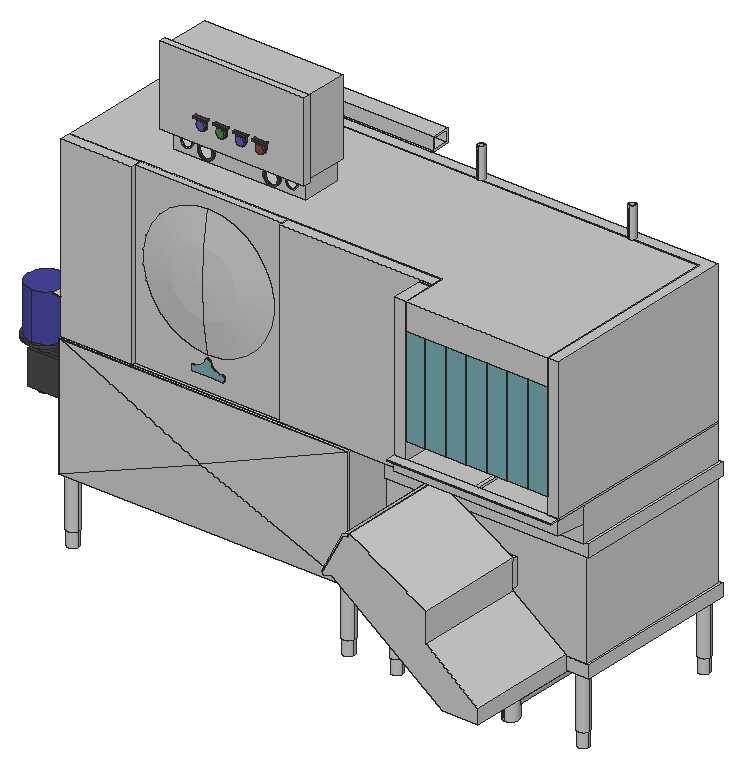
Revit family
Parameters (values of type "480/60/3")
  Width = 6' - 8"
  Weight in Pounds = 1450
  Watts = 15000 W
  Watermarked By = "http://revitwatermark.com"
  Waste Water Discharge Temperature [instance] = -459.67 °F
  Volts = 480 V
  Ventilation Remarks [instance] = ""
  URL Cutsheet = ""
  URL = "www.stero.com"
  Total Height = 5' - 10 1/2"
  Table Height = 2' - 10"
  Swing Doors [instance] = no
  Status [instance] = ""
  Standard Doors [instance] = not(Swing Doors)  # yes
  Specification by User [instance] = ""
  Specification by Manufacturer = ""
  Serial Number [instance] = ""
  Seismic Rating [instance] = ""
  SMACNA No [instance] = ""
  Right Ventilation Remarks [instance] = ""
  Right Vent [instance] = no
  Right Exhaust Volume [instance] = if(Right Vent, 200 CFM, 0 CFM)  # 0 CFM
  Right Exhaust Vent Width = 2' - 0 7/8"
  Right Exhaust Vent Text = "Vent, Load End"
  Right Exhaust Vent Depth = 0' - 3 7/8"
  Right Exhaust Static Press = 0.00 in-wg
  Right Exhaust RI Height [instance] = 0' - 0"
  Right Exhaust Item Number [instance] = "-"
  Right Drain [instance] = no
  Revision Code [instance] = ""
  Plumbing Remarks [instance] = ""
  Plumbing Connection Type [instance] = ""
  Phase = 3
  Number of Poles [instance] = 3
  No Left Vent [instance] = not(Left Vent)  # yes
  NAFEM Spec ID Number [instance] = ""
  Model = "ER-76SC"
  Masterspec = ""
  Manufacturer = "Stero"
  Machine Height = 4' - 7 1/2"
  Left Vent [instance] = no
  Left Drain [instance] = not(Right Drain)  # yes
  Item Number [instance] = "-"
  Installed By [instance] = ""
  Indirect Waste Size = 2"
  Indirect Waste Flow [instance] = 0.00 GPM
  Indirect Waste Connection Type [instance] = ""
  Indirect Waste Connection Height = 0' - 6"
  Hot Water Temperature = 180 °F
  Hot Water Size = 3/4"
  Hot Water RI Height [instance] = 0' - 0"
  Hot Water Minimum Pressure = 20.00 psi
  Hot Water Maximum Pressure = 20.00 psi
  Hot Water Flow = 1.97 GPM
  Hot Water Consumption = 1.97 GPM
  Hot Water Connection Height = 5' - 0"
  HP = "3.58"
  Furnished By [instance] = ""
  Foodservice Equipment Identifier [instance] = yes
  FL Amps = 25 A
  Exhaust Volume [instance] = if(Left Vent, 400 CFM, 0 CFM)  # 0 CFM
  Exhaust Vent Width = 0' - 3 7/8"
  Exhaust Vent Text = ""
  Exhaust Vent Depth = 2' - 0 7/8"
  Exhaust Static Press = 0.00 in-wg
  Exhaust RI Height [instance] = 0' - 0"
  Electrical Remarks [instance] = ""
  Electric Connection Type [instance] = ""
  Elec Conn RI Height [instance] = 0' - 0"
  Elec Conn Connection Height = 5' - 8 1/2"
  Double Door Opening [instance] = if(Swing Doors, 3' 0", 1' 10 1/2")  # 1' - 10 1/2"
  Description = "Rack Conveyor Series"
  Depth = 2' - 1"
  Cycle = 60 Hz
  Conn Conduit = yes
  Cold Water Temperature Recommended [instance] = -459.67 °F
  Cold Water Size = 3/4"
  Cold Water RI Height [instance] = 0' - 0"
  Cold Water Minimum Pressure [instance] = 0.00 psi
  Cold Water Maximum Pressure [instance] = 0.00 psi
  Cold Water Flow [instance] = 0.00 GPM
  Cold Water Consumption [instance] = ""
  Cold Water Connection Height = 5' - 0"
  CSI MasterFormat = "11 48 13"
  Building Plumbing Remarks [instance] = ""
  Building Hot Water Temperature = 140 °F
  Building Hot Water Size = 3/4"
  Building Hot Water RI Height [instance] = 0' - 0"
  Building Hot Water Minimum Pressure [instance] = 0.00 psi
  Building Hot Water Maximum Pressure [instance] = 0.00 psi
  Building Hot Water Flow [instance] = 0.00 GPM
  Building Hot Water Consumption [instance] = 0.00 GPM
  Building Hot Water Connection Height = 5' - 0"
  Building HW Item Number [instance] = "-"
  Assembly Code = "E1090320"
  Apparent Power = if(Phase = 3, Volts * FL Amps * 1.73, Volts * FL Amps)  # 20760 VA
Reference planes (in)
  plane 1: z = 0
  plane 2 "LEFT": x = 2.32772
  plane 3 "BACK": y = -48
  plane 4 "TOP": z = 70.5
  plane 5 "Right of 44": x = 46.32772
  plane 6 "FRONT": y = -73
  plane 7 "Left of Top": x = 2.57772
  plane 8 "Right of Top": x = 46.07772
  plane 9 "Left of Ledge": x = 1.07772
  plane 10 "Bottom of Machine": z = 10
  plane 11 "Table Height": z = 34
  plane 12 "Top of Machine": z = 55.5
  plane 13 "Panel Top": z = 28.5
  plane 14: z = 12
  plane 15: y = -73.5
  plane 16: y = -47.5
  plane 17: x = 2.07772
  plane 18: x = 46.57772
  plane 19: y = -49.625
  plane 20: y = -71.375
  plane 21 "Door Center": x = 24.32772
  plane 22: x = 13.07772
  plane 23: x = 35.57772
  plane 24 "Top of Opening": z = 51.5
  plane 25: z = 2.25
  plane 26: x = 14.32772
  plane 27: x = 34.32772
  plane 28: x = 13.32772
  plane 29: x = 35.32772
  plane 30 "Front of Lower Panel": y = -66.5
  plane 31: y = -60.5
  plane 32: y = -67
  plane 33 "Back of Panel": y = -60
  plane 34 "Front of Upper Panel": y = -68
  plane 35: x = 13.82772
  plane 36: x = 34.82772
  plane 37: y = -48.0625
  plane 38: y = -72.9375
  plane 39 "Top of Vents": z = 59.5
  plane 40: x = 9.82772
  plane 41: x = 38.82772
  plane 42: y = -45
  plane 43: z = 57.5
  plane 44: y = -43
  plane 45: z = 84.5
  plane 46 "RIGHT": x = 82.32772
  plane 47: y = -77.75
  plane 48: x = -7.67228
  plane 49: x = -0.73478
  plane 50: x = -7.54728
  plane 51: x = -4.60978
  plane 52: x = 13.32772
  plane 53: x = 35.32772
  plane 54: x = 25.76522
  plane 55: x = 24.39022
  plane 56: x = 24.26522
  plane 57: x = 22.89022
  plane 58: y = -91
Forms (in)
  Extrusion 1, solid, material "QF_Finishes_Stainless Steel"
    sketch origin (0, 0, 10) x (0, 1, 0) y (-1, 0, 0)
      loop
        line (-47.5, -2.07772) -> (-73, -2.07772) -> (-73, -46.57772) -> (-47.5, -46.57772) -> (-47.5, -2.07772)
    from 0 to 2
  Extrusion 2, solid, material "QF_Finishes_Stainless Steel"
    sketch origin (0, 0, 28.5) x (0, 1, 0) y (-1, 0, 0)
      loop
        line (-48, -2.32772) -> (-73, -2.32772) -> (-73, -46.32772) -> (-48, -46.32772) -> (-48, -2.32772)
    from 0 to -16.5
  Extrusion 3, solid, material "QF_Finishes_Stainless Steel"
    sketch origin (0, 0, 34) x (0, 1, 0) y (-1, 0, 0)
      loop
        line (-48, -2.32772) -> (-48, -1.07772) -> (-73, -1.07772) -> (-73, -2.32772) -> (-48, -2.32772)
    from 0 to -0.125
  Extrusion 4, solid, material "QF_Finishes_Stainless Steel"
    sketch origin (0, 0, 34) x (0, 1, 0) y (-1, 0, 0)
      loop
        line (-48, -2.32772) -> (-71.375, -2.32772) -> (-71.375, -58.95272) -> (-73.5, -58.95272) -> (-73.5, -82.32772) -> (-48, -82.32772) -> (-48, -2.32772)
    from -0.25 to -5.5
  Extrusion 5, solid, material "QF_Finishes_Stainless Steel"
    sketch origin (0, 0, 34) x (0, 1, 0) y (-1, 0, 0)
      loop
        line (-60.25, -2.32772) -> (-60.75, -2.32772) -> (-60.75, -66.57772)
        arc (-60.75, -66.57772) -> (-61.62868, -68.69904) -> (-63.75, -69.57772) r 3
        line (-63.75, -69.57772) -> (-78.25, -69.57772) -> (-78.25, -70.07772) -> (-63.75, -70.07772)
        arc (-63.75, -70.07772) -> (-61.27513, -69.05259) -> (-60.25, -66.57772) r 3.5
        line (-60.25, -66.57772) -> (-60.25, -2.32772)
      loop
        line (-48, -2.32772) -> (-49.625, -2.32772) -> (-49.625, -80.70272) -> (-78.25, -80.70272) -> (-78.25, -82.32772) -> (-48, -82.32772) -> (-48, -2.32772)
    from 0 to -0.25
  Extrusion 6, solid, material "QF_Finishes_Stainless Steel"
    sketch origin (0, 0, 55.5) x (0, 1, 0) y (-1, 0, 0)
      loop
        line (-49.625, -2.32772) -> (-71.375, -2.32772) -> (-71.375, -58.95272) -> (-78.25, -58.95272) -> (-78.25, -80.70272) -> (-49.625, -80.70272) -> (-49.625, -2.32772)
    from 0 to -4
  Extrusion 7, solid, material "QF_Finishes_Stainless Steel"
    sketch origin (0, 0, 55.5) x (0, 1, 0) y (-1, 0, 0)
      loop
        line (-48, -2.32772) -> (-49.625, -2.32772) -> (-49.625, -80.70272) -> (-78.25, -80.70272) -> (-78.25, -82.32772) -> (-48, -82.32772) -> (-48, -2.32772)
    from 0 to -21.5
  Extrusion 8, solid, material "QF_Finishes_Stainless Steel"
    sketch origin (0, -73, 0) x (-1, 0, 0) y (0, 0, 1)
      loop
        line (-2.32772, 55.5) -> (-13.07772, 55.5) -> (-13.07772, 28.5) -> (-2.32772, 28.5) -> (-2.32772, 55.5)
    from 0 to 1.625
  Blend 9, solid, material "QF_Finishes_Stainless Steel"
    base sketch origin (-15.01335, -74, 48) x (-1, 0, 0) y (0, 0, 1)
      loop
        line (-17.34107, -19.5) -> (-61.34107, -19.5) -> (-61.34107, -38) -> (-17.34107, -38) -> (-17.34107, -19.5)
    top sketch origin (-15.01335, -74, 48) x (-1, 0, 0) y (0, 0, 1)
      loop
        line (-39.37232, -28.71875) -> (-39.37232, -28.78125) -> (-39.30982, -28.78125) -> (-39.30982, -28.71875) -> (-39.37232, -28.71875)
    from 0.5 to 0
  Extrusion 10, solid, material "QF_Finishes_Stainless Steel"
    sketch origin (0, 0, 10) x (0, 1, 0) y (-1, 0, 0)
      loop
        line (-73, -2.32772) -> (-73.5, -2.32772) -> (-73.5, -46.32772) -> (-73, -46.32772) -> (-73, -2.32772)
    from 0 to 18.5
  Extrusion 11, solid, material "QF_Finishes_Stainless Steel"
    sketch origin (0, -73, 0) x (-1, 0, 0) y (0, 0, 1)
      loop
        line (-35.57772, 55.5) -> (-58.95272, 55.5) -> (-58.95272, 28.5) -> (-35.57772, 28.5) -> (-35.57772, 55.5)
    from 0 to 1.625
  Extrusion 12, solid, material "QF_Finishes_Stainless Steel", visible <- "Standard Doors"
    sketch origin (0, 0, 55.5) x (0, 1, 0) y (-1, 0, 0)
      loop
        line (-71.375, -13.07772) -> (-72.5, -13.07772) -> (-72.5, -35.57772) -> (-71.375, -35.57772) -> (-71.375, -13.07772)
    from 0 to -27
  Revolve 13, solid, material "QF_Finishes_Stainless Steel", visible <- "Standard Doors"
    sketch origin (24.32772, 0, 0) x (0, 1, 0) y (0, 0, 1)
      loop
        line (-72.5, 43.5) -> (-72.5, 53.5)
        arc (-72.5, 53.5) -> (-73.26244, 48.52624) -> (-73.5, 43.5) r 48
        line (-73.5, 43.5) -> (-72.5, 43.5)
      axis (-72.5, 43.5) -> (-73.5, 43.5)
    angle from 0 to 360
  Extrusion 14, solid, material "QF_Finishes_Stainless Steel"
    sketch origin (0, 0, 0) x (1, 0, 0) y (0, 1, 0)
      loop
        circle (3.32772, -49) r 0.8125
    from 0 to 2.25
  Extrusion 15, solid, material "QF_Finishes_Stainless Steel"
    sketch origin (0, 0, 0) x (1, 0, 0) y (0, 1, 0)
      loop
        circle (3.32772, -49) r 0.9375
    from 2.25 to 10
  Extrusion 16, solid, material "QF_Finishes_Stainless Steel"
    sketch origin (48.65544, 0, 0) x (-1, 0, 0) y (0, -1, 0)
      loop
        circle (3.32772, 49) r 0.8125
    from 0 to 2.25
  Extrusion 17, solid, material "QF_Finishes_Stainless Steel"
    sketch origin (48.65544, 0, 0) x (-1, 0, 0) y (0, -1, 0)
      loop
        circle (3.32772, 49) r 0.9375
    from 2.25 to 10
  Extrusion 18, solid, material "QF_Finishes_Stainless Steel"
    sketch origin (0, -121, 0) x (1, 0, 0) y (0, 1, 0)
      loop
        circle (3.32772, 49) r 0.8125
    from 0 to 2.25
  Extrusion 19, solid, material "QF_Finishes_Stainless Steel"
    sketch origin (0, -121, 0) x (1, 0, 0) y (0, 1, 0)
      loop
        circle (3.32772, 49) r 0.9375
    from 2.25 to 10
  Extrusion 20, solid, material "QF_Finishes_Stainless Steel"
    sketch origin (48.65544, -121, 0) x (-1, 0, 0) y (0, -1, 0)
      loop
        circle (3.32772, -49) r 0.8125
    from 0 to 2.25
  Extrusion 21, solid, material "QF_Finishes_Stainless Steel"
    sketch origin (48.65544, -121, 0) x (-1, 0, 0) y (0, -1, 0)
      loop
        circle (3.32772, -49) r 0.9375
    from 2.25 to 10
  Extrusion 22, solid, material "QF_Finishes_Light Blue"
    sketch origin (48.65544, 0, 51.5) x (0, 1, 0) y (-1, 0, 0)
      loop
        line (-49.625, 46.32772) -> (-52.625, 46.32772) -> (-52.625, 46.20272) -> (-49.625, 46.20272) -> (-49.625, 46.32772)
      loop
        line (-52.75, 46.32772) -> (-55.75, 46.32772) -> (-55.75, 46.20272) -> (-52.75, 46.20272) -> (-52.75, 46.32772)
      loop
        line (-55.875, 46.32772) -> (-58.875, 46.32772) -> (-58.875, 46.20272) -> (-55.875, 46.20272) -> (-55.875, 46.32772)
      loop
        line (-59, 46.32772) -> (-62, 46.32772) -> (-62, 46.20272) -> (-59, 46.20272) -> (-59, 46.32772)
      loop
        line (-62.125, 46.32772) -> (-65.125, 46.32772) -> (-65.125, 46.20272) -> (-62.125, 46.20272) -> (-62.125, 46.32772)
      loop
        line (-65.25, 46.32772) -> (-68.25, 46.32772) -> (-68.25, 46.20272) -> (-65.25, 46.20272) -> (-65.25, 46.32772)
      loop
        line (-68.375, 46.32772) -> (-71.375, 46.32772) -> (-71.375, 46.20272) -> (-68.375, 46.20272) -> (-68.375, 46.32772)
    from 0 to -15
  Extrusion 23, solid, material "QF_Finishes_Stainless Steel"
    sketch origin (0, 0, 55.5) x (0, 1, 0) y (-1, 0, 0)
      loop
        line (-60.5, -14.32772) -> (-66.5, -14.32772) -> (-66.5, -34.32772) -> (-60.5, -34.32772) -> (-60.5, -14.32772)
    from 0 to 3.5
  Extrusion 24, solid, material "QF_Finishes_Stainless Steel"
    sketch origin (0, 0, 55.5) x (0, 1, 0) y (-1, 0, 0)
      loop
        line (-60, -13.82772) -> (-67, -13.82772) -> (-67, -34.82772) -> (-60, -34.82772) -> (-60, -13.82772)
    from 3 to 14.5
  Extrusion 25, solid, material "QF_Finishes_Stainless Steel"
    sketch origin (0, 0, 55.5) x (0, 1, 0) y (-1, 0, 0)
      loop
        line (-67, -13.32772) -> (-68, -13.32772) -> (-68, -35.32772) -> (-67, -35.32772) -> (-67, -13.32772)
    from 3 to 15
  Extrusion 26, solid, material "QF_Finishes_Black"
    sketch origin (0, -66.5, 0) x (-1, 0, 0) y (0, 0, 1)
      loop
        circle (-19.32772, 57) r 1.25
      loop
        circle (-19.32772, 57) r 1
    from 0 to -0.25
  Extrusion 27, solid, material "QF_Finishes_Stainless Steel"
    sketch origin (0, -66.5, 0) x (-1, 0, 0) y (0, 0, 1)
      loop
        circle (-16.32772, 57.25) r 0.75
      loop
        circle (-16.32772, 57.25) r 0.875
    from 0 to -0.125
  Extrusion 28, solid, material "QF_Finishes_White"
    sketch origin (0, -66.5, 0) x (-1, 0, 0) y (0, 0, 1)
      loop
        circle (-16.32772, 57.25) r 0.75
    from 0 to -0.0625
  Extrusion 29, solid, material "QF_Finishes_White"
    sketch origin (0, -66.5, 0) x (-1, 0, 0) y (0, 0, 1)
      loop
        circle (-19.32772, 57) r 1
    from 0 to -0.0625
  Extrusion 30, solid, material "QF_Finishes_Black"
    sketch origin (48.65544, -66.5, 0) x (1, 0, 0) y (0, 0, -1)
      loop
        circle (-19.32772, -57) r 1.25
      loop
        circle (-19.32772, -57) r 1
    from 0 to -0.25
  Extrusion 31, solid, material "QF_Finishes_Stainless Steel"
    sketch origin (48.65544, -66.5, 0) x (1, 0, 0) y (0, 0, -1)
      loop
        circle (-16.32772, -57.25) r 0.75
      loop
        circle (-16.32772, -57.25) r 0.875
    from 0 to -0.125
  Extrusion 32, solid, material "QF_Finishes_White"
    sketch origin (48.65544, -66.5, 0) x (1, 0, 0) y (0, 0, -1)
      loop
        circle (-16.32772, -57.25) r 0.75
    from 0 to -0.0625
  Extrusion 33, solid, material "QF_Finishes_White"
    sketch origin (48.65544, -66.5, 0) x (1, 0, 0) y (0, 0, -1)
      loop
        circle (-19.32772, -57) r 1
    from 0 to -0.0625
  Extrusion 34, solid, material "QF_Finishes_Black"
    sketch origin (0, -68, 0) x (-1, 0, 0) y (0, 0, 1)
      loop
        line (-23.82772, 62.5) -> (-23.82772, 62.25) -> (-21.82772, 62.25) -> (-21.82772, 62.5) -> (-23.82772, 62.5)
      loop
        line (-20.82772, 62.5) -> (-20.82772, 62.25) -> (-18.82772, 62.25) -> (-18.82772, 62.5) -> (-20.82772, 62.5)
      loop
        line (-24.82772, 62.5) -> (-26.82772, 62.5) -> (-26.82772, 62.25) -> (-24.82772, 62.25) -> (-24.82772, 62.5)
      loop
        line (-27.82772, 62.5) -> (-29.82772, 62.5) -> (-29.82772, 62.25) -> (-27.82772, 62.25) -> (-27.82772, 62.5)
    from 0 to -0.5
  Extrusion 35, solid, material "QF_Finishes_Navy Blue"
    sketch origin (0, -68, 0) x (-1, 0, 0) y (0, 0, 1)
      loop
        circle (-19.82772, 61.375) r 0.625
    from -0.125 to -0.375
  Extrusion 36, solid, material "QF_Finishes_LED Green"
    sketch origin (3, -68, 0) x (-1, 0, 0) y (0, 0, 1)
      loop
        circle (-19.82772, 61.375) r 0.625
    from -0.125 to -0.375
  Extrusion 37, solid, material "QF_Finishes_Navy Blue"
    sketch origin (6, -68, 0) x (-1, 0, 0) y (0, 0, 1)
      loop
        circle (-19.82772, 61.375) r 0.625
    from -0.125 to -0.375
  Extrusion 38, solid, material "QF_Finishes_LED Red"
    sketch origin (9, -68, 0) x (-1, 0, 0) y (0, 0, 1)
      loop
        circle (-19.82772, 61.375) r 0.625
    from -0.125 to -0.375
  Extrusion 39, solid, material "QF_Finishes_Black"
    sketch origin (0, -68, 0) x (-1, 0, 0) y (0, 0, 1)
      loop
        arc (-20.57772, 61.375) -> (-19.82772, 60.625) -> (-19.07772, 61.375) r 0.75
        line (-19.07772, 61.375) -> (-19.07772, 62.25) -> (-20.57772, 62.25) -> (-20.57772, 61.375)
      loop
        arc (-23.57772, 61.375) -> (-22.82772, 60.625) -> (-22.07772, 61.375) r 0.75
        line (-22.07772, 61.375) -> (-22.07772, 62.25) -> (-23.57772, 62.25) -> (-23.57772, 61.375)
      loop
        arc (-26.57772, 61.375) -> (-25.82772, 60.625) -> (-25.07772, 61.375) r 0.75
        line (-25.07772, 61.375) -> (-25.07772, 62.25) -> (-26.57772, 62.25) -> (-26.57772, 61.375)
      loop
        arc (-29.57772, 61.375) -> (-28.82772, 60.625) -> (-28.07772, 61.375) r 0.75
        line (-28.07772, 61.375) -> (-28.07772, 62.25) -> (-29.57772, 62.25) -> (-29.57772, 61.375)
    from 0 to -0.125
  Extrusion 40, solid, material "QF_Finishes_Light Blue", visible <- "Standard Doors"
    sketch origin (0, -73, 0) x (-1, 0, 0) y (0, 0, 1)
      loop
        line (-23.71645, 30.65632) -> (-22.08461, 30.57309)
        arc (-22.08461, 30.57309) -> (-21.90443, 30.64773) -> (-21.82979, 30.82792) r 0.25483
        line (-21.82979, 30.82792) -> (-21.82979, 31.31285)
        arc (-21.82979, 31.31285) -> (-21.90343, 31.49062) -> (-22.08121, 31.56426) r 0.25142
        arc (-22.08121, 31.56426) -> (-23.22593, 31.7803) -> (-23.90311, 32.72819) r 1.56264
        arc (-23.90311, 32.72819) -> (-24.31726, 33.06213) -> (-24.74741, 32.74907) r 0.43733
        arc (-24.74741, 32.74907) -> (-25.42049, 31.78611) -> (-26.57423, 31.56426) r 1.56264
        arc (-26.57423, 31.56426) -> (-26.75201, 31.49062) -> (-26.82565, 31.31285) r 0.25142
        line (-26.82565, 31.31285) -> (-26.82565, 30.82792)
        arc (-26.82565, 30.82792) -> (-26.75101, 30.64773) -> (-26.57082, 30.57309) r 0.25483
        line (-26.57082, 30.57309) -> (-24.93898, 30.65632)
        arc (-24.93898, 30.65632) -> (-24.32772, 30.6719) -> (-23.71645, 30.65632) r 12
    from 0.5 to 0.4375
  Extrusion 41, solid, material "QF_Finishes_Stainless Steel"
    sketch origin (0, 0, 55.5) x (0, 1, 0) y (-1, 0, 0)
      loop
        circle (-48.75, -19.32772) r 0.375
      loop
        circle (-48.75, -19.32772) r 0.5
    from 0 to 4.5
  Extrusion 42, solid, material "QF_Finishes_Stainless Steel"
    sketch origin (2.32772, 0, 0) x (0, 1, 0) y (0, 0, 1)
      loop
        line (-45, 57.5) -> (-47.75, 57.5) -> (-47.75, 55.5) -> (-45, 55.5) -> (-45, 57.5)
      loop
        line (-45.125, 57.375) -> (-47.625, 57.375) -> (-47.625, 55.625) -> (-45.125, 55.625) -> (-45.125, 57.375)
    from 7.5 to 36.5
  Extrusion 43, solid, material "QF_Finishes_Stainless Steel"
    sketch origin (2.32772, 0, 0) x (0, 1, 0) y (0, 0, 1)
      loop
        line (-47.75, 55.5) -> (-47.75, 55.625) -> (-48, 55.625) -> (-48, 55.5) -> (-47.75, 55.5)
    from 7.5 to 36.5
  Extrusion 44, solid, material "QF_Finishes_Stainless Steel"
    sketch origin (0, -60, 0) x (-1, 0, 0) y (0, 0, 1)
      loop
        circle (-34.32772, 68.5) r 0.25
    from 0 to 0.0625
  Extrusion 45, solid, material "QF_Finishes_Stainless Steel"
    sketch origin (0, 0, 10) x (0, 1, 0) y (-1, 0, 0)
      loop
        circle (-51.5, -30.32772) r 1
      loop
        circle (-51.5, -30.32772) r 1.125
    from 0 to -4
  Extrusion 46, solid, material "QF_Finishes_Clearance", detail levels coarse
    sketch origin (0, 0, 0) x (1, 0, 0) y (0, 1, 0)
      loop
        line (1.07772, -47.5) -> (9.82772, -47.5) -> (9.82772, -45) -> (38.82772, -45) -> (38.82772, -47.5) -> (82.95272, -47.5) -> (82.95272, -43) -> (1.07772, -43) -> (1.07772, -47.5)
    from 0 to 70.5
  Extrusion 47, solid, material "QF_Finishes_Clearance", visible <- "Standard Doors", detail levels coarse
    sketch origin (0, -73, 0) x (-1, 0, 0) y (0, 0, 1)
      loop
        line (-13.07772, 84.5) -> (-35.57772, 84.5) -> (-35.57772, 55.5) -> (-13.07772, 55.5) -> (-13.07772, 84.5)
    from 0 to 1.625
  Extrusion 48, solid, material "QF_Finishes_Black"
    sketch origin (48.65544, -73, 0) x (1, 0, 0) y (0, 0, -1)
      loop
        line (-46.57772, -12) -> (-46.57772, -10.9375) -> (-47.70272, -10.9375) -> (-47.70272, -23.9375) -> (-46.32772, -23.9375) -> (-46.32772, -12) -> (-46.57772, -12)
    from 1.8125 to 7.8125
  Extrusion 49, solid, material "QF_Finishes_Black"
    sketch origin (48.65544, 0, 10) x (0, 1, 0) y (-1, 0, 0)
      loop
        arc (-66.875, 52.32772) -> (-68.1875, 51.01522) -> (-69.5, 52.32772) r 1.3125
        line (-69.5, 52.32772) -> (-69.5, 47.95272) -> (-66.875, 47.95272) -> (-66.875, 52.32772)
      loop
        line (-69.75, 53.95272) -> (-69.75, 47.70272) -> (-66.625, 47.70272) -> (-66.625, 53.95272) -> (-69.75, 53.95272)
    from 7.6875 to 12.9375
  Extrusion 50, solid, material "QF_Finishes_Black"
    sketch origin (48.65544, 0, 10) x (0, 1, 0) y (-1, 0, 0)
      loop
        circle (-68.1875, 52.32772) r 1.0625
    from 7.1875 to 7.6875
  Extrusion 51, solid, material "QF_Finishes_Black"
    sketch origin (48.65544, 0, 10) x (0, 1, 0) y (-1, 0, 0)
      loop
        circle (-68.1875, 52.32772) r 1.3125
    from 12.9375 to 13.4375
  Blend 52, solid, material "QF_Finishes_Black"
    base sketch origin (48.65544, 0, 10) x (0, 1, 0) y (-1, 0, 0)
      loop
        circle (-68.1875, 52.32772) r 1.3125
    top sketch origin (48.65544, 0, 10) x (0, 1, 0) y (-1, 0, 0)
      loop
        circle (-68.1875, 52.32772) r 2.0625
    from 13.4375 to 14.4375
  Extrusion 53, solid, material "QF_Finishes_Black"
    sketch origin (48.65544, 0, 10) x (0, 1, 0) y (-1, 0, 0)
      loop
        circle (-68.1875, 52.32772) r 3.25
    from 14.4375 to 14.8125
  Extrusion 54, solid, material "QF_Finishes_Blue"
    sketch origin (48.65544, 0, 10) x (0, 1, 0) y (-1, 0, 0)
      loop
        circle (-68.1875, 52.32772) r 2.875
    from 14.8125 to 21.9375
  Extrusion 55, solid, material "QF_Finishes_Black"
    sketch origin (48.65544, -73, 0) x (1, 0, 0) y (0, 0, -1)
      loop
        line (-46.32772, -33.1875) -> (-46.32772, -31.6875) -> (-51.57772, -31.6875) -> (-51.57772, -33.1875) -> (-46.32772, -33.1875)
      loop
        circle (-50.32772, -32.4375) r 0.375
    from 12.3125 to 12.6875
  Extrusion 56, solid, material "QF_Finishes_Black"
    sketch origin (48.65544, -73, 0) x (1, 0, 0) y (0, 0, -1)
      loop
        line (-46.32772, -12) -> (-46.57772, -12) -> (-46.57772, -8.4375) -> (-48.82772, -8.4375) -> (-48.82772, -12.4375) -> (-46.32772, -12.4375) -> (-46.32772, -12)
    from 7 to 18
  Extrusion 57, solid, material "QF_Finishes_Dark Grey"
    sketch origin (48.65544, -73, 0) x (1, 0, 0) y (0, 0, -1)
      loop
        line (-48.82772, -12.125) -> (-48.82772, -8.75) -> (-49.07772, -8.75)
        arc (-49.07772, -8.75) -> (-49.2545, -8.82322) -> (-49.32772, -9) r 0.25
        line (-49.32772, -9) -> (-49.32772, -9.3125)
        arc (-49.32772, -9.3125) -> (-49.43755, -9.57767) -> (-49.70272, -9.6875) r 0.375
        line (-49.70272, -9.6875) -> (-50.32772, -9.6875)
        arc (-50.32772, -9.6875) -> (-51.07772, -10.4375) -> (-50.32772, -11.1875) r 0.75
        line (-50.32772, -11.1875) -> (-49.70272, -11.1875)
        arc (-49.70272, -11.1875) -> (-49.43755, -11.29733) -> (-49.32772, -11.5625) r 0.375
        line (-49.32772, -11.5625) -> (-49.32772, -11.875)
        arc (-49.32772, -11.875) -> (-49.2545, -12.05178) -> (-49.07772, -12.125) r 0.25
        line (-49.07772, -12.125) -> (-48.82772, -12.125)
      loop
        circle (-50.32772, -10.4375) r 0.5
    from 9.375 to 9.5
  Extrusion 58, solid, material "QF_Finishes_Dark Grey"
    sketch origin (48.65544, -66.875, 0) x (1, 0, 0) y (0, 0, -1)
      loop
        line (-48.82772, -12.125) -> (-48.82772, -8.75) -> (-49.07772, -8.75)
        arc (-49.07772, -8.75) -> (-49.2545, -8.82322) -> (-49.32772, -9) r 0.25
        line (-49.32772, -9) -> (-49.32772, -9.3125)
        arc (-49.32772, -9.3125) -> (-49.43755, -9.57767) -> (-49.70272, -9.6875) r 0.375
        line (-49.70272, -9.6875) -> (-50.32772, -9.6875)
        arc (-50.32772, -9.6875) -> (-51.07772, -10.4375) -> (-50.32772, -11.1875) r 0.75
        line (-50.32772, -11.1875) -> (-49.70272, -11.1875)
        arc (-49.70272, -11.1875) -> (-49.43755, -11.29733) -> (-49.32772, -11.5625) r 0.375
        line (-49.32772, -11.5625) -> (-49.32772, -11.875)
        arc (-49.32772, -11.875) -> (-49.2545, -12.05178) -> (-49.07772, -12.125) r 0.25
        line (-49.07772, -12.125) -> (-48.82772, -12.125)
      loop
        circle (-50.32772, -10.4375) r 0.5
    from 9.375 to 9.5
  Extrusion 59, solid, material "QF_Finishes_Stainless Steel"
    sketch origin (48.65544, -73, 0) x (1, 0, 0) y (0, 0, -1)
      loop
        circle (-50.32772, -32.4375) r 0.375
      loop
        arc (-51.06584, -32.57045) -> (-50.32772, -33.1875) -> (-49.5896, -32.57045) r 0.75
        line (-49.5896, -32.57045) -> (-48.89022, -28.6875) -> (-51.76522, -28.6875) -> (-51.06584, -32.57045)
    from 11.25 to 11.375
  Extrusion 60, solid, material "QF_Finishes_Stainless Steel"
    sketch origin (48.65544, -48, 0) x (1, 0, 0) y (0, 0, 1)
      loop
        circle (-50.32772, 32.4375) r 0.375
      loop
        line (-51.06584, 32.57045) -> (-51.76522, 28.6875) -> (-48.89022, 28.6875) -> (-49.5896, 32.57045)
        arc (-49.5896, 32.57045) -> (-50.32772, 33.1875) -> (-51.06584, 32.57045) r 0.75
    from 11.25 to 11.375
  Extrusion 61, solid, material "QF_Finishes_Stainless Steel"
    sketch origin (48.65544, -73, 0) x (1, 0, 0) y (0, 0, -1)
      loop
        circle (-50.32772, -32.4375) r 0.375
    from 10.75 to 14.25
  Blend 62, solid, material "QF_Finishes_Stainless Steel"
    base sketch origin (48.65544, 0, 34) x (0, 1, 0) y (-1, 0, 0)
      loop
        line (-58.25, 47.89022) -> (-58.25, 52.76522) -> (-62.75, 52.76522) -> (-62.75, 47.89022) -> (-58.25, 47.89022)
    top sketch origin (48.65544, 0, 34) x (0, 1, 0) y (-1, 0, 0)
      loop
        line (-59.25, 48.89022) -> (-59.25, 51.76522) -> (-61.75, 51.76522) -> (-61.75, 48.89022) -> (-59.25, 48.89022)
    from -14.0625 to -5.3125
  Blend 63, solid, material "QF_Finishes_Stainless Steel"
    base sketch origin (48.65544, 0, 25.25) x (0, 1, 0) y (-1, 0, 0)
      loop
        line (-57.5, 47.14022) -> (-57.5, 53.51522) -> (-63.5, 53.51522) -> (-63.5, 47.14022) -> (-57.5, 47.14022)
    top sketch origin (48.65544, 0, 25.25) x (0, 1, 0) y (-1, 0, 0)
      loop
        line (-58.5, 48.14022) -> (-58.5, 52.51522) -> (-62.5, 52.51522) -> (-62.5, 48.14022) -> (-58.5, 48.14022)
    from -15.5625 to -5.3125
  Extrusion 64, solid, material "QF_Finishes_Stainless Steel"
    sketch origin (48.65544, -73, -22) x (1, 0, 0) y (0, 0, -1)
      loop
        circle (-50.32772, -32.4375) r 0.5
    from 9 to 16
  Extrusion 65, solid, material "QF_Finishes_Stainless Steel"
    sketch origin (130.32772, -80.82772, 34) x (1, 0, 0) y (0, 1, 0)
      loop
        line (-48, 2.57772) -> (-73, 2.57772) -> (-73, 1.07772) -> (-48, 1.07772) -> (-48, 2.57772)
    from 0 to -0.125
  Extrusion 66, solid, material "QF_Finishes_Stainless Steel", visible <- "Right Vent"
    sketch origin (130.32772, -78.25, 0) x (1, 0, 0) y (0, 0, -1)
      loop
        line (-73, -55.5) -> (-48, -55.5) -> (-48, -50.5625) -> (-49.625, -48.9375) -> (-49.625, -49.11428) -> (-48.125, -50.61428) -> (-48.125, -55.375) -> (-72.875, -55.375) -> (-72.875, -39.17678) -> (-71.375, -37.67678) -> (-71.375, -37.5) -> (-73, -39.125) -> (-73, -55.5)
    from 0 to -9.875
  Extrusion 67, solid, material "QF_Finishes_Stainless Steel", visible <- "Right Vent"
    sketch origin (130.32772, -88.25, 0) x (1, 0, 0) y (0, 0, -1)
      loop
        line (-71.375, -37.5) -> (-73, -39.125) -> (-73, -55.5) -> (-48, -55.5) -> (-48, -50.5625) -> (-49.625, -48.9375) -> (-49.625, -51.5) -> (-71.375, -51.5) -> (-71.375, -37.5)
    from 0 to 0.125
  Extrusion 68, solid, material "QF_Finishes_Stainless Steel", visible <- "Right Vent"
    sketch origin (130.32772, -80.82772, 55.5) x (1, 0, 0) y (0, 1, 0)
      loop
        line (-48.0625, -4.35978) -> (-48.0625, -0.48478) -> (-72.9375, -0.48478) -> (-72.9375, -4.35978) -> (-48.0625, -4.35978)
      loop
        line (-48.1875, -4.23478) -> (-48.1875, -0.60978) -> (-72.8125, -0.60978) -> (-72.8125, -4.23478) -> (-48.1875, -4.23478)
    from 0 to 4
  Extrusion 69, solid, material "QF_Finishes_Light Blue"
    sketch origin (130.32772, -31.92228, 51.5) x (1, 0, 0) y (0, 1, 0)
      loop
        line (-49.625, -46.32772) -> (-49.625, -46.20272) -> (-52.625, -46.20272) -> (-52.625, -46.32772) -> (-49.625, -46.32772)
      loop
        line (-52.75, -46.32772) -> (-52.75, -46.20272) -> (-55.75, -46.20272) -> (-55.75, -46.32772) -> (-52.75, -46.32772)
      loop
        line (-55.875, -46.32772) -> (-55.875, -46.20272) -> (-58.875, -46.20272) -> (-58.875, -46.32772) -> (-55.875, -46.32772)
      loop
        line (-59, -46.32772) -> (-59, -46.20272) -> (-62, -46.20272) -> (-62, -46.32772) -> (-59, -46.32772)
      loop
        line (-62.125, -46.32772) -> (-62.125, -46.20272) -> (-65.125, -46.20272) -> (-65.125, -46.32772) -> (-62.125, -46.32772)
      loop
        line (-65.25, -46.32772) -> (-65.25, -46.20272) -> (-68.25, -46.20272) -> (-68.25, -46.32772) -> (-65.25, -46.32772)
      loop
        line (-68.375, -46.32772) -> (-68.375, -46.20272) -> (-71.375, -46.20272) -> (-71.375, -46.32772) -> (-68.375, -46.32772)
    from 0 to -15
  Extrusion 70, solid, material "QF_Finishes_Stainless Steel"
    sketch origin (82.32772, -0.5, 0) x (0, 1, 0) y (0, 0, -1)
      loop
        line (-73, -33.75) -> (-73, -31.25) -> (-77.9375, -31.875) -> (-77.9375, -33.75) -> (-73, -33.75)
    from 0 to 25
  Extrusion 71, solid, material "QF_Finishes_Stainless Steel"
    sketch origin (48.65544, -0.5, 55.5) x (0, 1, 0) y (-1, 0, 0)
      loop
        line (-73, -10.29728) -> (-73, -8.67228) -> (-77.75, -8.67228) -> (-77.75, -10.29728) -> (-73, -10.29728)
    from 0 to -21.75
  Extrusion 72, solid, material "QF_Finishes_Stainless Steel"
    sketch origin (48.65544, -73.5, 0) x (1, 0, 0) y (0, 0, -1)
      loop
        line (23.54728, -23.25) -> (23.54728, -19.25) -> (19.54728, -19.25) -> (19.54728, -23.25) -> (23.54728, -23.25)
    from 0 to -0.8125
  Extrusion 73, solid, material "QF_Finishes_Stainless Steel"
    sketch origin (48.65544, -73.5, 0) x (1, 0, 0) y (0, 0, -1)
      loop
        line (31.54728, -10.75) -> (26.13886, -10.75) -> (9.46207, -23.25759)
        arc (9.46207, -23.25759) -> (9.36377, -23.30219) -> (9.25583, -23.30118) r 0.25
        line (9.25583, -23.30118) -> (8.19845, -23.05707)
        arc (8.19845, -23.05707) -> (7.94388, -23.14847) -> (7.92148, -23.41803) r 0.25
        line (7.92148, -23.41803) -> (10.97958, -29.16948) -> (11.80181, -29.46875) -> (11.80181, -29.83149)
        arc (11.80181, -29.83149) -> (11.89556, -29.99387) -> (12.08306, -29.99387) r 0.1875
        line (12.08306, -29.99387) -> (23.54728, -23.375) -> (23.54728, -19) -> (31.54728, -13) -> (31.54728, -10.75)
    from -0.8125 to -17.5
  Extrusion 74, solid, material "QF_Finishes_Stainless Steel"
    sketch origin (48.65544, -73.5, 0) x (1, 0, 0) y (0, 0, -1)
      loop
        line (16.33886, -16.77187) -> (16.33886, -18.1) -> (26.13886, -10.75) -> (24.36802, -10.75) -> (16.33886, -16.77187)
    from -2.3125 to -16.3125
  Extrusion 75, solid, material "QF_Finishes_Stainless Steel"
    sketch origin (48.65544, -73.5, 0) x (1, 0, 0) y (0, 0, -1)
      loop
        arc (11.89556, -29.99387) -> (11.82693, -29.92524) -> (11.80181, -29.83149) r 0.1875
        line (11.80181, -29.83149) -> (11.73931, -29.51251) -> (10.93566, -29.22001) -> (7.86629, -23.44737)
        arc (7.86629, -23.44737) -> (7.78177, -23.42153) -> (7.75593, -23.50605) r 0.0625
        line (7.75593, -23.50605) -> (11.00619, -29.61891)
        arc (11.00619, -29.61891) -> (11.04873, -29.6724) -> (11.10762, -29.70708) r 0.1875
        line (11.10762, -29.70708) -> (11.89556, -29.99387)
    from -0.8125 to -17.5
  Extrusion 76, solid, material "QF_Finishes_Light Blue"
    sketch origin (42.65753, -106.10897, -1.29612) x (0, -1, 0) y (-0.469472, 0, -0.882948)
      loop
        arc (-22.69566, -30.65632) -> (-23.30693, -30.6719) -> (-23.91819, -30.65632) r 12
        line (-23.91819, -30.65632) -> (-25.55003, -30.57309)
        arc (-25.55003, -30.57309) -> (-25.73022, -30.64773) -> (-25.80486, -30.82792) r 0.25483
        line (-25.80486, -30.82792) -> (-25.80486, -31.31285)
        arc (-25.80486, -31.31285) -> (-25.73122, -31.49062) -> (-25.55344, -31.56426) r 0.25142
        arc (-25.55344, -31.56426) -> (-24.3997, -31.78611) -> (-23.72662, -32.74907) r 1.56264
        arc (-23.72662, -32.74907) -> (-23.29647, -33.06213) -> (-22.88232, -32.72819) r 0.43733
        arc (-22.88232, -32.72819) -> (-22.20514, -31.7803) -> (-21.06041, -31.56426) r 1.56264
        arc (-21.06041, -31.56426) -> (-20.88264, -31.49062) -> (-20.809, -31.31285) r 0.25142
        line (-20.809, -31.31285) -> (-20.809, -30.82792)
        arc (-20.809, -30.82792) -> (-20.88363, -30.64773) -> (-21.06382, -30.57309) r 0.25483
        line (-21.06382, -30.57309) -> (-22.69566, -30.65632)
    from 0.5 to 0.4375
  Extrusion 77, solid, material "QF_Finishes_Stainless Steel"
    sketch origin (95.15544, -30.5, 10) x (0, 1, 0) y (-1, 0, 0)
      loop
        circle (-50, 18.32772) r 1
      loop
        circle (-50, 18.32772) r 1.125
    from 0 to -4
  Extrusion 78, solid, material "QF_Finishes_Stainless Steel", visible <- "Right Drain"
    sketch origin (95.15544, -29.5, 0) x (-1, 0, 0) y (0, -1, 0)
      loop
        circle (18.32772, 51) r 1
    from 6 to 6.25
  Extrusion 79, solid, material "QF_Finishes_Clearance", visible <- "Right Vent", detail levels coarse
    sketch origin (48.28044, -10.5, 0) x (-1, 0, 0) y (0, -1, 0)
      loop
        line (-34.67228, 67.75) -> (-34.04728, 67.75) -> (-34.04728, 77.75) -> (-34.67228, 77.75) -> (-34.67228, 67.75)
    from 0 to 70.5
  Extrusion 80, void
    sketch origin (48.28044, -0.5, 55.5) x (0, 1, 0) y (-1, 0, 0)
      loop
        line (-80.9375, -33.48478) -> (-80.9375, -8.85978) -> (-84.5625, -8.85978) -> (-84.5625, -33.48478) -> (-80.9375, -33.48478)
    from 0 to -0.125
  Extrusion 81, solid, material "QF_Finishes_Clearance", detail levels coarse
    sketch origin (48.28044, -0.5, 0) x (-1, 0, 0) y (0, -1, 0)
      loop
        line (-34.67228, 47.5) -> (-34.04728, 47.5) -> (-34.04728, 77.75) -> (-34.67228, 77.75) -> (-34.67228, 47.5)
    from 0 to 70.5
  Extrusion 82, solid, material "QF_Finishes_Stainless Steel"
    sketch origin (98.15544, 0, 10) x (0, 1, 0) y (-1, 0, 0)
      loop
        line (-47.5, 15.45272) -> (-47.5, 46.57772) -> (-73, 46.57772) -> (-73, 15.45272) -> (-47.5, 15.45272)
    from 0 to 2
  Extrusion 83, solid, material "QF_Finishes_Stainless Steel"
    sketch origin (98.15544, 0, 26.5) x (0, 1, 0) y (-1, 0, 0)
      loop
        line (-47.5, 15.45272) -> (-47.5, 46.57772) -> (-73, 46.57772) -> (-73, 15.45272) -> (-47.5, 15.45272)
    from 0 to 2
  Extrusion 84, solid, material "QF_Finishes_Stainless Steel"
    sketch origin (101.15544, 0, 28.5) x (0, 1, 0) y (-1, 0, 0)
      loop
        line (-48, 18.82772) -> (-48, 49.20272) -> (-73, 49.20272) -> (-73, 18.82772) -> (-48, 18.82772)
    from -2 to -16.5
  Extrusion 85, solid, material "QF_Finishes_Stainless Steel"
    sketch origin (48.65544, 0, 55.5) x (0, 1, 0) y (-1, 0, 0)
      loop
        line (-73, -10.29728) -> (-73, -8.67228) -> (-73.5, -8.67228) -> (-73.5, -10.29728) -> (-73, -10.29728)
    from 0 to -21.75
  Extrusion 86, solid, material "QF_Finishes_Stainless Steel"
    sketch origin (56.03044, 0, 0) x (-1, 0, 0) y (0, -1, 0)
      loop
        circle (3.32772, 49) r 0.8125
    from 0 to 2.25
  Extrusion 87, solid, material "QF_Finishes_Stainless Steel"
    sketch origin (56.03044, 0, 0) x (-1, 0, 0) y (0, -1, 0)
      loop
        circle (3.32772, 49) r 0.9375
    from 2.25 to 10
  Extrusion 88, solid, material "QF_Finishes_Stainless Steel"
    sketch origin (56.03044, -121, 0) x (-1, 0, 0) y (0, -1, 0)
      loop
        circle (3.32772, -49) r 0.8125
    from 0 to 2.25
  Extrusion 89, solid, material "QF_Finishes_Stainless Steel"
    sketch origin (56.03044, -121, 0) x (-1, 0, 0) y (0, -1, 0)
      loop
        circle (3.32772, -49) r 0.9375
    from 2.25 to 10
  Extrusion 90, solid, material "QF_Finishes_Stainless Steel"
    sketch origin (84.40544, 0, 0) x (-1, 0, 0) y (0, -1, 0)
      loop
        circle (3.32772, 49) r 0.8125
    from 0 to 2.25
  Extrusion 91, solid, material "QF_Finishes_Stainless Steel"
    sketch origin (84.40544, 0, 0) x (-1, 0, 0) y (0, -1, 0)
      loop
        circle (3.32772, 49) r 0.9375
    from 2.25 to 10
  Extrusion 92, solid, material "QF_Finishes_Stainless Steel"
    sketch origin (84.40544, -121, 0) x (-1, 0, 0) y (0, -1, 0)
      loop
        circle (3.32772, -49) r 0.8125
    from 0 to 2.25
  Extrusion 93, solid, material "QF_Finishes_Stainless Steel"
    sketch origin (84.40544, -121, 0) x (-1, 0, 0) y (0, -1, 0)
      loop
        circle (3.32772, -49) r 0.9375
    from 2.25 to 10
  Extrusion 94, solid, material "QF_Finishes_Stainless Steel"
    sketch origin (48.65544, -48, 0) x (-1, 0, 0) y (0, 0, -1)
      loop
        line (-2.92228, -10) -> (-2.92228, -12) -> (2.07772, -12) -> (2.07772, -10) -> (1.70272, -10) -> (1.70272, -11.625) -> (-2.54728, -11.625) -> (-2.54728, -10) -> (-2.92228, -10)
    from 0 to 25
  Extrusion 95, solid, material "QF_Finishes_Stainless Steel", visible <- "Left Drain"
    sketch origin (48.65405, -0.50041, 0) x (-1, 0, 0) y (0, -1, 0)
      loop
        circle (18.32772, 51) r 1
    from 6 to 6.25
  Extrusion 96, solid, material "QF_Finishes_Stainless Steel"
    sketch origin (48.65405, -48.50041, 0) x (-1, 0, 0) y (0, 0, -1)
      loop
        circle (-28.17228, -8.5) r 1
      loop
        circle (-28.17228, -8.5) r 1.125
    from 3 to 32.05553
  Extrusion 97, solid, material "QF_Finishes_Stainless Steel"
    sketch origin (82.32633, -0.50041, 0) x (0, 1, 0) y (0, 0, -1)
      loop
        circle (-51, -8.5) r 1
      loop
        circle (-51, -8.5) r 1.125
    from 3 to 52
  Extrusion 98, solid, material "QF_Finishes_Stainless Steel"
    sketch origin (82.32633, -0.50041, 0) x (0, 1, 0) y (0, 0, -1)
      loop
        circle (-51, -8.5) r 1.125
    from 2.75 to 3
  Extrusion 99, solid, material "QF_Finishes_Stainless Steel"
    sketch origin (92.65405, -0.50041, 55.5) x (0, 1, 0) y (-1, 0, 0)
      loop
        circle (-48.75, 45.32772) r 0.375
      loop
        circle (-48.75, 45.32772) r 0.5
    from 0 to 4.5
  Extrusion 100, solid, material "QF_Finishes_Stainless Steel"
    sketch origin (112.15405, -0.50041, 55.5) x (0, 1, 0) y (-1, 0, 0)
      loop
        circle (-48.75, 41.82772) r 0.375
      loop
        circle (-48.75, 41.82772) r 0.5
    from 0 to 4.5
  Extrusion 101, solid, material "QF_Finishes_Stainless Steel", visible <- "Left Vent"
    sketch origin (2.32772, 0, 0) x (0, 1, 0) y (0, 0, 1)
      loop
        line (-73, 55.5) -> (-73, 39.125) -> (-71.375, 37.5) -> (-71.375, 37.67678) -> (-72.875, 39.17678) -> (-72.875, 55.375) -> (-48.125, 55.375) -> (-48.125, 50.61428) -> (-49.625, 49.11428) -> (-49.625, 48.9375) -> (-48, 50.5625) -> (-48, 55.5) -> (-73, 55.5)
    from 0 to -9.875
  Extrusion 102, solid, material "QF_Finishes_Stainless Steel", visible <- "Left Vent"
    sketch origin (-7.67228, 0, 0) x (0, 1, 0) y (0, 0, 1)
      loop
        line (-71.375, 37.5) -> (-71.375, 51.5) -> (-49.625, 51.5) -> (-49.625, 48.9375) -> (-48, 50.5625) -> (-48, 55.5) -> (-73, 55.5) -> (-73, 39.125) -> (-71.375, 37.5)
    from 0 to 0.125
  Extrusion 103, solid, material "QF_Finishes_Stainless Steel", visible <- "Left Vent"
    sketch origin (-0.25, 0, 55.5) x (0, 1, 0) y (-1, 0, 0)
      loop
        line (-48.0625, 4.35978) -> (-72.9375, 4.35978) -> (-72.9375, 0.48478) -> (-48.0625, 0.48478) -> (-48.0625, 4.35978)
      loop
        line (-48.1875, 4.23478) -> (-72.8125, 4.23478) -> (-72.8125, 0.60978) -> (-48.1875, 0.60978) -> (-48.1875, 4.23478)
    from 0 to 4
  Extrusion 104, solid, material "QF_Finishes_Clearance", visible <- "Left Vent", detail levels coarse
    sketch origin (-0.25, 0, 0) x (1, 0, 0) y (0, 1, 0)
      loop
        line (-7.42228, -43) -> (-7.42228, -47.5) -> (1.32772, -47.5) -> (1.32772, -43) -> (-7.42228, -43)
    from 0 to 70.5
  Extrusion 105, void
    sketch origin (0, 0, 55.5) x (0, 1, 0) y (-1, 0, 0)
      loop
        line (-48.1875, 4.48478) -> (-72.8125, 4.48478) -> (-72.8125, 0.85978) -> (-48.1875, 0.85978) -> (-48.1875, 4.48478)
    from 0 to -0.125
  Extrusion 106, solid, material "QF_Finishes_Stainless Steel", visible <- "Swing Doors"
    sketch origin (0, 0, 55.5) x (0, 1, 0) y (-1, 0, 0)
      loop
        line (-71.375, -13.32772) -> (-73, -13.32772) -> (-73, -24.26522) -> (-71.375, -24.26522) -> (-71.375, -13.32772)
    from 0 to -27
  Extrusion 107, solid, material "QF_Finishes_Stainless Steel", visible <- "Swing Doors"
    sketch origin (0, 0, 55.5) x (0, 1, 0) y (-1, 0, 0)
      loop
        line (-71.375, -24.39022) -> (-73, -24.39022) -> (-73, -35.32772) -> (-71.375, -35.32772) -> (-71.375, -24.39022)
    from 0 to -27
  Sweep 108, solid, material "QF_Finishes_Stainless Steel", visible <- "Swing Doors"
    path origin (22.8822, 0.00524, 0) x (0, 1, 0) y (0, 0, 1)
      loop
        line (-73, 47.0625) -> (-73.625, 47.0625)
        arc (-73.625, 47.0625) -> (-73.97855, 46.91605) -> (-74.125, 46.5625) r 0.5
        line (-74.125, 46.5625) -> (-74.125, 38.3125)
        arc (-74.125, 38.3125) -> (-73.97855, 37.95895) -> (-73.625, 37.8125) r 0.5
        line (-73.625, 37.8125) -> (-73, 37.8125)
    profile origin (22.8822, -73.30726, 47.0625) x (0, 0, -1) y (1, 0, 0)
      loop
        circle (0, 0) r 0.375
  Sweep 109, solid, material "QF_Finishes_Stainless Steel", visible <- "Swing Doors"
    path origin (25.7572, 0.00524, 0) x (0, 1, 0) y (0, 0, 1)
      loop
        line (-73, 47.0625) -> (-73.625, 47.0625)
        arc (-73.625, 47.0625) -> (-73.97855, 46.91605) -> (-74.125, 46.5625) r 0.5
        line (-74.125, 46.5625) -> (-74.125, 38.3125)
        arc (-74.125, 38.3125) -> (-73.97855, 37.95895) -> (-73.625, 37.8125) r 0.5
        line (-73.625, 37.8125) -> (-73, 37.8125)
    profile origin (25.7572, -73.30726, 47.0625) x (0, 0, -1) y (1, 0, 0)
      loop
        circle (0, 0) r 0.375
  Extrusion 110, solid, material "QF_Finishes_Stainless Steel", visible <- "Swing Doors"
    sketch origin (-5.00802, 0.00524, 52.4375) x (0, 1, 0) y (-1, 0, 0)
      loop
        circle (-73.25, -18.07772) r 0.25
    from 0 to -3
  Extrusion 111, solid, material "QF_Finishes_Stainless Steel", visible <- "Swing Doors"
    sketch origin (-5.00802, 0.00524, 35.8125) x (0, 1, 0) y (-1, 0, 0)
      loop
        circle (-73.25, -18.07772) r 0.25
    from 0 to -3
  Extrusion 112, solid, material "QF_Finishes_Stainless Steel", visible <- "Swing Doors"
    sketch origin (27.49198, 0.00524, 52.4375) x (0, 1, 0) y (-1, 0, 0)
      loop
        circle (-73.25, -8.07772) r 0.25
    from 0 to -3
  Extrusion 113, solid, material "QF_Finishes_Stainless Steel", visible <- "Swing Doors"
    sketch origin (27.49198, 0.00524, 35.8125) x (0, 1, 0) y (-1, 0, 0)
      loop
        circle (-73.25, -8.07772) r 0.25
    from 0 to -3
Cuts and joins
  Extrusion 80 cuts Extrusion 66
  Extrusion 80 cuts Extrusion 68
  Extrusion 105 cuts Extrusion 101
  Extrusion 105 cuts Extrusion 103
Lines and regions (in)
  symbolic lines
    curve 1: line (1.07772, -48, 10) -> (82.32772, -48, 10)
    curve 2: line (2.32772, -73, 10) -> (2.32772, -48, 10)
    curve 3: line (57.32772, -73, 10) -> (1.07772, -73, 10)
    curve 4: line (9.82772, -48, 10) -> (9.82772, -45, 10)
    curve 5: line (9.82772, -45, 10) -> (38.82772, -45, 10)
    curve 6: line (38.82772, -45, 10) -> (38.82772, -48, 10)
    curve 7: line (1.07772, -48, 10) -> (1.07772, -73, 10)
    curve 8: line (13.82772, -60, 10) -> (34.82772, -60, 10)
    curve 9: line (13.82772, -67, 10) -> (13.82772, -60, 10)
    curve 10: line (34.82772, -67, 10) -> (13.82772, -67, 10)
    curve 11: line (34.82772, -60, 10) -> (34.82772, -67, 10)
    curve 12: line (34.82772, -67, 10) -> (35.32772, -67, 10)
    curve 13: line (35.32772, -67, 10) -> (35.32772, -68, 10)
    curve 14: line (35.32772, -68, 10) -> (13.32772, -68, 10)
    curve 15: line (13.32772, -68, 10) -> (13.32772, -67, 10)
    curve 16: line (13.32772, -67, 10) -> (13.82772, -67, 10)
    curve 26: line (57.32772, -79.75, 0) -> (57.32772, -73, 0)
    curve 27: line (57.32772, -78.25, 0) -> (82.32772, -78.25, 0)
    curve 28: line (82.32772, -79.75, 0) -> (57.32772, -79.75, 0)
    curve 30: line (80.20272, -88.25, 0) -> (80.20272, -91, 0)
    curve 31: line (80.20272, -91, 0) -> (56.40405, -91, 0)
    curve 32: line (56.40405, -91, 0) -> (56.40405, -74.3125, 0)
    curve 33: line (56.40405, -74.3125, 0) -> (57.32772, -74.3125, 0)
    curve 34: line (60.551, -91, 0) -> (60.551, -88.25, 0)
    curve 37: line (82.32772, -48, 0) -> (82.32772, -79.75, 0)
    curve 38: line (13.07772, -73, 0) -> (13.07772, -71.375, 0)
    curve 39: line (13.07772, -71.375, 0) -> (35.57772, -71.375, 0)
    curve 40: line (35.57772, -71.375, 0) -> (35.57772, -73, 0)
  symbolic lines, style "QF_Clearances", detail levels coarse
    curve 17: line (1.07772, -43, 0) -> (82.95272, -43, 0)
  symbolic lines, visible <- "Right Vent"
    curve 18: line (82.32772, -78.25, 10) -> (82.32772, -88.25, 10)
    curve 19: line (82.32772, -88.25, 10) -> (57.32772, -88.25, 10)
    curve 20: line (57.32772, -88.25, 10) -> (57.32772, -78.5, 10)
    curve 22: line (57.39022, -85.1875, 10) -> (82.26522, -85.1875, 10)
    curve 23: line (57.39022, -81.3125, 10) -> (57.39022, -85.1875, 10)
    curve 24: line (82.26522, -81.3125, 10) -> (57.39022, -81.3125, 10)
  symbolic lines, visible <- "Left Vent"
    curve 21: line (82.26522, -85.1875, 10) -> (82.26522, -81.3125, 10)
    curve 42: line (-7.67228, -48, 10) -> (-7.67228, -73, 10)
    curve 43: line (-7.67228, -73, 10) -> (2.32772, -73, 10)
    curve 44: line (-4.60978, -48.0625, 10) -> (-0.73478, -48.0625, 10)
    curve 45: line (-4.60978, -72.9375, 10) -> (-4.60978, -48.0625, 10)
    curve 46: line (-0.73478, -72.9375, 10) -> (-4.60978, -72.9375, 10)
    curve 47: line (-0.73478, -48.0625, 10) -> (-0.73478, -72.9375, 10)
    curve 50: line (-7.67228, -48, 0) -> (2.32772, -48, 0)
  symbolic lines, style "QF_Clearances", visible <- "Right Vent"
    curve 25: line (82.95272, -78.25, 0) -> (82.95272, -88.25, 0)
  symbolic lines, visible <- "No Left Vent"
    curve 29: line (80.20272, -81.3125, 0) -> (80.20272, -88.25, 0)
    curve 35: line (60.551, -88.25, 0) -> (60.551, -81.3125, 0)
  symbolic lines, style "QF_Clearances"
    curve 36: line (82.95272, -43, 0) -> (82.95272, -78.25, 0)
  symbolic lines, visible <- "Standard Doors"
    curve 41: line (35.57772, -72.5, 0) -> (13.07772, -72.5, 0)
  symbolic lines, style "QF_Clearances", visible <- "Left Vent", detail levels coarse
    curve 48: line (-7.67228, -47.5, 0) -> (-7.67228, -43, 0)
    curve 49: line (-7.67228, -43, 0) -> (1.07772, -43, 0)
  symbolic lines, visible <- "Swing Doors"
    curve 51: line (24.39022, -71.375, 55.5) -> (24.39022, -73, 55.5)
    curve 52: line (24.26522, -71.375, 55.5) -> (24.26522, -73, 55.5)
    curve 53: line (22.5072, -72.99476, 52.4375) -> (22.5072, -74.11976, 52.4375)
    curve 54: line (23.2572, -72.99476, 52.4375) -> (23.2572, -74.11976, 52.4375)
    curve 55: arc (22.5072, -74.11976, 52.4375) -> (22.8822, -74.49476, 52.4375) -> (23.2572, -74.11976, 52.4375) r 0.375
    curve 56: line (25.3822, -72.99476, 52.4375) -> (25.3822, -74.11976, 52.4375)
    curve 57: line (26.1322, -72.99476, 52.4375) -> (26.1322, -74.11976, 52.4375)
    curve 58: arc (25.3822, -74.11976, 52.4375) -> (25.7572, -74.49476, 52.4375) -> (26.1322, -74.11976, 52.4375) r 0.375
  symbolic lines, style "QF_Clearances", visible <- "Swing Doors", detail levels coarse
    curve 59: line (13.07772, -73, 55.5) -> (13.07772, -84.1875, 55.5)
    curve 60: arc (13.07772, -84.1875, 55.5) -> (20.98848, -80.91076, 55.5) -> (24.26522, -73, 55.5) r 11.1875
    curve 61: line (35.57772, -73, 55.5) -> (35.57772, -84.1875, 55.5)
    curve 62: arc (35.57772, -84.1875, 55.5) -> (27.66696, -80.91076, 55.5) -> (24.39022, -73, 55.5) r 11.1875
  symbolic lines, style "QF_Surface Details"
    curve 63: line (42.32207, -54.12942, 52.4375) -> (13.32207, -54.12942, 52.4375)
    curve 64: line (13.32207, -54.12942, 52.4375) -> (17.82207, -51.63503, 52.4375)
    curve 65: line (13.32207, -54.12942, 52.4375) -> (17.82207, -56.62381, 52.4375)
Dimensions and locks (in)
  "Depth": plane 6 "FRONT" to plane 3 "BACK"
  locked: plane 2 "LEFT" to plane 7 "Left of Top" at 0.25
  locked: plane 8 "Right of Top" to plane 5 "Right of 44" at 0.25
  locked: plane 9 "Left of Ledge" to plane 7 "Left of Top" at 1.5
  locked: plane 10 "Bottom of Machine" to level at 10
  "Table Height": plane 11 "Table Height" to level
  "Machine Height": plane 12 "Top of Machine" to level
  "Total Height": plane 4 "TOP" to level
  locked: plane 14 to plane 10 "Bottom of Machine" at 2
  locked: plane 11 "Table Height" to plane 13 "Panel Top" at 5.5
  locked: plane 6 "FRONT" to plane 15 at 0.5
  locked: plane 3 "BACK" to plane 16 at 0.5
  locked: plane 17 to plane 2 "LEFT" at 0.25
  locked: plane 5 "Right of 44" to plane 18 at 0.25
  locked: plane 3 "BACK" to plane 19 at 1.625
  locked: plane 6 "FRONT" to plane 20 at 1.625
  equal spacing: plane 2 "LEFT", plane 21 "Door Center", plane 5 "Right of 44"
  "Double Door Opening": plane 22 to plane 23
  locked: plane 12 "Top of Machine" to plane 24 "Top of Opening" at 4
  locked: plane 21 "Door Center" to Blend 9 sketch curve at 0.03125  (x2)
  locked: Extrusion 12 sketch curve to plane 20 at 1.125
  locked: plane 25 to level at 2.25
  plane 17 to Extrusion 14 sketch curve = 0' - 1 1/4"
  plane 16 to Extrusion 14 sketch curve = 0' - 1 1/2"
  locked: plane 16 to Extrusion 15 sketch curve at 1.5
  locked: plane 17 to Extrusion 15 sketch curve at 1.25
  locked: plane 16 to Extrusion 16 sketch curve at 1.5
  locked: Extrusion 16 sketch curve to plane 18 at 1.25
  locked: Extrusion 17 sketch curve to plane 18 at 1.25
  locked: plane 16 to Extrusion 17 sketch curve at 1.5
  locked: Extrusion 20 sketch curve to plane 18 at 1.25
  locked: Extrusion 20 sketch curve to plane 15 at 1.5
  locked: Extrusion 21 sketch curve to plane 18 at 1.25
  locked: Extrusion 21 sketch curve to plane 15 at 1.5
  locked: Extrusion 18 sketch curve to plane 15 at 1.5
  locked: plane 17 to Extrusion 18 sketch curve at 1.25
  locked: Extrusion 19 sketch curve to plane 15 at 1.5
  locked: plane 17 to Extrusion 19 sketch curve at 1.25
  locked: plane 26 to plane 21 "Door Center" at 10
  locked: plane 26 to plane 27 at 20
  locked: plane 28 to plane 21 "Door Center" at 11
  locked: plane 28 to plane 29 at 22
  plane 30 "Front of Lower Panel" to plane 6 "FRONT" = 0' - 6 1/2"
  locked: plane 31 to plane 30 "Front of Lower Panel" at 6
  locked: plane 32 to plane 6 "FRONT" at 6
  locked: plane 33 "Back of Panel" to plane 32 at 7
  locked: plane 32 to plane 34 "Front of Upper Panel" at 1
  locked: plane 28 to plane 35 at 0.5
  locked: plane 36 to plane 29 at 0.5
  locked: Extrusion 26 sketch curve to plane 26 at 5
  locked: Extrusion 26 sketch curve to plane 12 "Top of Machine" at 1.5
  locked: Extrusion 27 sketch curve to plane 26 at 2
  locked: Extrusion 27 sketch curve to plane 12 "Top of Machine" at 1.75
  locked: Extrusion 30 sketch curve to plane 27 at 5
  locked: Extrusion 30 sketch curve to plane 12 "Top of Machine" at 1.5
  locked: Extrusion 31 sketch curve to plane 27 at 2
  locked: Extrusion 31 sketch curve to plane 12 "Top of Machine" at 1.75
  locked: Extrusion 34 sketch curve to plane 28 at 5.5
  locked: Extrusion 34 sketch curve to plane 12 "Top of Machine" at 7
  locked: Extrusion 35 sketch curve to plane 12 "Top of Machine" at 5.875
  locked: Extrusion 35 sketch curve to plane 28 at 6.5
  locked: Extrusion 36 sketch curve to plane 12 "Top of Machine" at 5.875
  locked: Extrusion 36 sketch curve to plane 28 at 9.5
  locked: Extrusion 37 sketch curve to plane 28 at 12.5
  locked: Extrusion 37 sketch curve to plane 12 "Top of Machine" at 5.875
  locked: Extrusion 38 sketch curve to plane 12 "Top of Machine" at 5.875
  locked: Extrusion 38 sketch curve to plane 28 at 15.5
  locked: Extrusion 39 sketch curve to plane 12 "Top of Machine" at 5.875
  locked: Extrusion 39 sketch curve to plane 28 at 6.5
  locked: Extrusion 40 sketch curve to plane 13 "Panel Top" at 4.12493
  locked: plane 37 to plane 38 at 24.875
  locked: plane 38 to plane 6 "FRONT" at 0.0625
  plane 39 "Top of Vents" to plane 12 "Top of Machine" = 0' - 4"
  locked: Extrusion 41 sketch curve to plane 3 "BACK" at 0.75
  locked: plane 40 to plane 21 "Door Center" at 14.5
  locked: plane 40 to plane 41 at 29
  locked: plane 43 to plane 12 "Top of Machine" at 2
  locked: plane 42 to plane 3 "BACK" at 3
  Extrusion 44 sketch curve to plane 12 "Top of Machine" = 1' - 1"
  locked: plane 29 to Extrusion 44 sketch curve at 1
  Extrusion 45 sketch curve to plane 3 "BACK" = 0' - 3 1/2"
  locked: plane 44 to plane 3 "BACK" at 5
  locked: plane 45 to plane 12 "Top of Machine" at 29
  locked: Extrusion 45 sketch curve to plane 29 at 5
  locked: plane 35 to Extrusion 41 sketch curve at 5.5
  "Width": plane 2 "LEFT" to plane 46 "RIGHT"
  plane 47 to plane 3 "BACK" = 2' - 5 3/4"
  locked: plane 48 to plane 50 at 0.125
  locked: plane 48 to plane 2 "LEFT" at 10
  locked: plane 51 to plane 49 at 3.875
  equal spacing: plane 22, plane 21 "Door Center", plane 23
  locked: plane 22 to plane 52 at 0.25
  locked: plane 53 to plane 23 at 0.25
  locked: plane 21 "Door Center" to plane 55 at 0.0625
  locked: plane 56 to plane 21 "Door Center" at 0.0625
  locked: plane 21 "Door Center" to plane 54 at 1.4375
  locked: plane 57 to plane 21 "Door Center" at 1.4375
  plane 47 to plane 58 = 1' - 1 1/4"
  aligned and locked: level to plane 1
  aligned and locked: Extrusion 1 sketch curve to plane 16
  aligned and locked: Extrusion 1 sketch curve to plane 17
  aligned and locked: plane 18 to Extrusion 1 sketch curve
  aligned and locked: Extrusion 1 to plane 10 "Bottom of Machine"
  aligned and locked: plane 14 to Extrusion 1
  aligned and locked: plane 2 "LEFT" to Extrusion 2 sketch curve
  aligned and locked: Extrusion 2 sketch curve to plane 5 "Right of 44"
  aligned and locked: plane 6 "FRONT" to Extrusion 2 sketch curve
